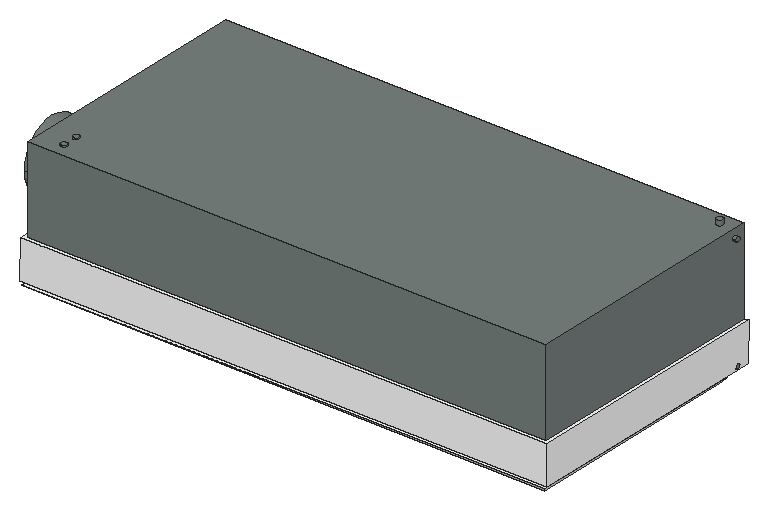
Revit family "AM 800 HTDE", category Mechanical Equipment, Revit 2019
Family settings
  Round Connector Dimension = Use Diameter
  Part Type = Normal
  OmniClass Number = 23.75.00.00
  OmniClass Title = Climate Control (HVAC)
  Work Plane-Based = No
  Always vertical = Yes
  Cut with Voids When Loaded = No
  Shared = No
  Room Calculation Point = No
Parameters
  Weight (Standard Unit) = 108  # constant formula
  Water Heater Surface Return = 10 mm  # constant formula
  Water Heater Surface IN = 10 mm  # constant formula
  URL = "www.airmaster-as.com"
  Total Width = 1910 mm  # constant formula
  Total Hight = 474 mm  # constant formula
  Top Panel [instance] = no
  T-C Duct Exhaust = 252 mm  # constant formula
  T-C Duct Supply = 252 mm  # constant formula
  Suply Air In = 315 mm  # constant formula
  Return Air Duct = 250 mm  # constant formula
  R-C Duct Exhaust = 222 mm  # constant formula
  Phase 1 - Max Power Consumption = "4035 W"
  Phase 1 - Max Current = "12 A"
  Nominal current, electrical preheating surface = "6,5 A"
  Nominal current, electrical comfort heating surface = "4,4 A"
  Nominal current, air handling unit = "1,1 A"
  Network Conection = "AWG 24 CAT 5e STP"
  Model = "AM 800 HTDE"
  Middle Panel [instance] = no
  Max. flow rate 35 dB(A) with ePM10 80% filters = 580.00 m³  # constant formula
  Max. flow rate 35 dB(A) with ePM10 55% filters = 653.00 m³  # constant formula
  Max. flow rate 35 dB(A) with ePM10 50% filters = 725.00 m³  # constant formula
  Max. flow rate 30 dB(A) with ePM10 80% filters = 520.00 m³  # constant formula
  Max. flow rate 30 dB(A) with ePM10 55% filters = 585.00 m³  # constant formula
  Max. flow rate 30 dB(A) with ePM10 50% filters = 650.00 m³  # constant formula
  Manufacturer = "Airmaster A/S"
  Maintenance [instance] = no
  L-C Duct ESupply = 255 mm  # constant formula
  Exhaust Air = 315 mm  # constant formula
  Total Depth = 916 mm  # constant formula
  Electrical connection = "1 ~ 230 V / N / PE / 50 Hz"
  Drawn By = "LSB"
  Condensate = 9 mm  # constant formula
  BMS Panel = "(PTS) 2x2x0,6"
  BMS Out = "(PTS) 2x2x0,6"
  BMS IN = "(PTS) 2x2x0,6"
  Airflow area [instance] = no
  Air flow area [instance] = Airflow
Reference planes
  plane 1 "Center (Front/Back)": y = 0
  plane 2: z = 0
  plane 3 "Center (Left/Right)": x = 0
  plane 4 "Center L/S": y = -916
  plane 5 "Center L/T": x = -955
  plane 6 "Center L/U": x = 955
  plane 7 "TOP": z = 474
  plane 8 "Center L/V": x = -940
  plane 9 "Center L/W": y = -901
  plane 10 "Center L/X": x = 940
  plane 11 "Panel Buttom": z = 23
  plane 12 "Panel Top": z = 164.5
  plane 13 "Hatch": z = 14.5
  plane 14 "Center L/Z": z = 173.414
  plane 15 "Center L/AA": z = 314.914
  plane 16 "Center L/BB": z = 324.414
  plane 17 "Center L/CC": z = 465.914
Forms (mm)
  Extrusion 1, solid, material "AM Grey"
    sketch origin (0, 0, 0) x (1, 0, 0) y (0, 1, 0)
      loop
        line (-940, 0) -> (-940, -901) -> (940, -901) -> (940, 0) -> (-940, 0)
    from 14.5 to 474
  Extrusion 2, solid, material "AM White"
    sketch origin (794.5, -1524, 23) x (0, -1, 0) y (-1, 0, 0)
      loop
        line (-1524, 1749.5) -> (-1524, 1734.5) -> (-623, 1734.5) -> (-623, -145.5) -> (-1524, -145.5) -> (-1524, -160.5) -> (-608, -160.5) -> (-608, 1749.5) -> (-1524, 1749.5)
    from 0 to -141.5
  Blend 3, solid, material "AM White"
    base sketch origin (-790.646, -1524, 14.5) x (0, -1, 0) y (1, 0, 0)
      loop
        line (-608, -157.387) -> (-608, 1738.657) -> (-1435.677, 1738.657) -> (-1435.677, -157.387) -> (-608, -157.387)
    top sketch origin (-790.646, -1524, 14.5) x (0, -1, 0) y (1, 0, 0)
      loop
        line (-623, -146.037) -> (-623, 1727.646) -> (-1424.161, 1727.646) -> (-1424.161, -146.037) -> (-623, -146.037)
    from 0 to -14.5
  Extrusion 4, solid, material "AM Grey"
    sketch origin (940, 0, 0) x (0, -1, 0) y (0, 0, -1)
      loop
        circle (48.75, -36.414) r 8
    from 0 to 15
  Extrusion 5, solid, material "AM Grey"
    sketch origin (-940, -878.072, 0.549) x (0, 1, 0) y (0, 0, -1)
      loop
        arc (97.447, -426.641) -> (85.619, -415.215) -> (74.05, -426.903) r 11.7
        arc (74.05, -426.903) -> (85.881, -438.614) -> (97.447, -426.641) r 11.7
    from 0 to 2
  Extrusion 6, solid, material "AM Grey"
    sketch origin (-940, -892.224, 0.658) x (0, 1, 0) y (0, 0, -1)
      loop
        arc (56.677, -428.239) -> (46.918, -415.112) -> (33.131, -423.914) r 12
        arc (33.131, -423.914) -> (42.582, -438.717) -> (56.677, -428.239) r 12
    from 0 to 2
  Extrusion 7, solid, material "AM Grey"
    sketch origin (-940, 0, 0) x (1, 0, 0) y (0, 0, -1)
      loop
        circle (1673, -222) r 157.5
    from 0 to 55
  Extrusion 8, solid, material "AM Grey"
    sketch origin (-785, 0, 0) x (1, 0, 0) y (0, 0, -1)
      loop
        circle (85, -222) r 157.5
    from 0 to 55
  Extrusion 9, solid, material "AM Grey"
    sketch origin (-1697.474, 21.256, 474) x (1, 0, 0) y (0, 1, 0)
      loop
        arc (848.662, -826.53) -> (848, -804.55) -> (847.338, -826.53) r 11
        line (847.338, -826.53) -> (848.662, -826.53)
    from 0 to 2
  Extrusion 10, solid, material "AM Grey"
    sketch origin (-1697.474, 6.881, 474) x (1, 0, 0) y (0, 1, 0)
      loop
        arc (848.662, -867.28) -> (848, -845.3) -> (847.338, -867.28) r 11
        line (847.338, -867.28) -> (848.662, -867.28)
    from 0 to 2
  Extrusion 11, solid, material "Maintenece", visible <- "Maintenance"
    sketch origin (-790.646, -1524, 0) x (1, 0, 0) y (0, -1, 0)
      loop
        line (-164.354, -1524) -> (1745.646, -1524) -> (1745.646, -608) -> (-164.354, -608) -> (-164.354, -1524)
    from 0 to 1200
  Extrusion 12, solid, material "AM Grey"
    sketch origin (0, 0, 474) x (1, 0, 0) y (0, 1, 0)
      loop
        arc (880.766, -33.956) -> (876.81, -38.388) -> (875.622, -44.209) r 11.4
        arc (875.622, -44.209) -> (897.19, -48.612) -> (880.766, -33.956) r 11.4
    from 0 to 15
  Extrusion 13, solid, material "AM Grey"
    sketch origin (940, 0, 0) x (0, -1, 0) y (0, 0, -1)
      loop
        circle (47.646, -447.784) r 8
    from 0 to 15
  Extrusion 14, solid, material "AM Grey"
    sketch origin (-940, 0, 0) x (1, 0, 0) y (0, 0, -1)
      loop
        circle (1813, -35) r 12
    from 0 to 15
  Extrusion 15, solid, material "AM White", visible <- "Middle Panel"
    sketch origin (794.5, -1524, 173.414) x (0, -1, 0) y (-1, 0, 0)
      loop
        line (-623, 1749.5) -> (-623, 1734.5) -> (-623, -145.5) -> (-1524, -145.5) -> (-1524, -160.5) -> (-608, -160.5) -> (-608, 1749.5) -> (-623, 1749.5)
    from 0 to -141.5
  Extrusion 16, solid, material "AM White", visible <- "Top Panel"
    sketch origin (794.5, -1524, 324.414) x (0, -1, 0) y (-1, 0, 0)
      loop
        line (-623, 1749.5) -> (-623, 1734.5) -> (-623, -145.5) -> (-1524, -145.5) -> (-1524, -160.5) -> (-608, -160.5) -> (-608, 1749.5) -> (-623, 1749.5)
    from 0 to -141.5
  Extrusion 17, solid, material "AM White"
    sketch origin (0, 0, 14.5) x (0, 1, 0) y (1, 0, 0)
      loop
        line (0, 940) -> (-88.323, 940) -> (-88.323, -940) -> (0, -940) -> (0, 940)
    from 0 to 3
  Extrusion 18, solid, material "AM Grey"
    sketch origin (-955, 0, 23) x (0, -1, 0) y (0, 0, 1)
      loop
        circle (699, 299) r 125
    from 0 to 58
  Extrusion 19, void
    sketch origin (1055.25, -916, 324.414) x (1, 0, 0) y (0, 0, -1)
      loop
        line (-1717.75, -118) -> (-1627.75, -118) -> (-1627.75, -93) -> (-1717.75, -93) -> (-1717.75, -118)
      loop
        line (-1717.75, -83) -> (-1627.75, -83) -> (-1627.75, -58) -> (-1717.75, -58) -> (-1717.75, -83)
      loop
        line (-1717.75, -48) -> (-1627.75, -48) -> (-1627.75, -23) -> (-1717.75, -23) -> (-1717.75, -48)
      loop
        line (-1622.75, -118) -> (-1532.75, -118) -> (-1532.75, -93) -> (-1622.75, -93) -> (-1622.75, -118)
      loop
        line (-1622.75, -83) -> (-1532.75, -83) -> (-1532.75, -58) -> (-1622.75, -58) -> (-1622.75, -83)
      loop
        line (-1622.75, -48) -> (-1532.75, -48) -> (-1532.75, -23) -> (-1622.75, -23) -> (-1622.75, -48)
      loop
        line (-1527.75, -118) -> (-1437.75, -118) -> (-1437.75, -93) -> (-1527.75, -93) -> (-1527.75, -118)
      loop
        line (-1527.75, -83) -> (-1437.75, -83) -> (-1437.75, -58) -> (-1527.75, -58) -> (-1527.75, -83)
      loop
        line (-1527.75, -48) -> (-1437.75, -48) -> (-1437.75, -23) -> (-1527.75, -23) -> (-1527.75, -48)
      loop
        line (-1432.75, -118) -> (-1342.75, -118) -> (-1342.75, -93) -> (-1432.75, -93) -> (-1432.75, -118)
      loop
        line (-1432.75, -83) -> (-1342.75, -83) -> (-1342.75, -58) -> (-1432.75, -58) -> (-1432.75, -83)
      loop
        line (-1432.75, -48) -> (-1342.75, -48) -> (-1342.75, -23) -> (-1432.75, -23) -> (-1432.75, -48)
      loop
        line (-1337.75, -118) -> (-1247.75, -118) -> (-1247.75, -93) -> (-1337.75, -93) -> (-1337.75, -118)
      loop
        line (-1337.75, -83) -> (-1247.75, -83) -> (-1247.75, -58) -> (-1337.75, -58) -> (-1337.75, -83)
      loop
        line (-1337.75, -48) -> (-1247.75, -48) -> (-1247.75, -23) -> (-1337.75, -23) -> (-1337.75, -48)
      loop
        line (-1242.75, -118) -> (-1152.75, -118) -> (-1152.75, -93) -> (-1242.75, -93) -> (-1242.75, -118)
      loop
        line (-1242.75, -83) -> (-1152.75, -83) -> (-1152.75, -58) -> (-1242.75, -58) -> (-1242.75, -83)
      loop
        line (-1242.75, -48) -> (-1152.75, -48) -> (-1152.75, -23) -> (-1242.75, -23) -> (-1242.75, -48)
      loop
        line (-1147.75, -118) -> (-1057.75, -118) -> (-1057.75, -93) -> (-1147.75, -93) -> (-1147.75, -118)
      loop
        line (-1147.75, -83) -> (-1057.75, -83) -> (-1057.75, -58) -> (-1147.75, -58) -> (-1147.75, -83)
      loop
        line (-1147.75, -48) -> (-1057.75, -48) -> (-1057.75, -23) -> (-1147.75, -23) -> (-1147.75, -48)
      loop
        line (-1052.75, -118) -> (-962.75, -118) -> (-962.75, -93) -> (-1052.75, -93) -> (-1052.75, -118)
      loop
        line (-1052.75, -83) -> (-962.75, -83) -> (-962.75, -58) -> (-1052.75, -58) -> (-1052.75, -83)
      loop
        line (-1052.75, -48) -> (-962.75, -48) -> (-962.75, -23) -> (-1052.75, -23) -> (-1052.75, -48)
      loop
        line (-957.75, -118) -> (-867.75, -118) -> (-867.75, -93) -> (-957.75, -93) -> (-957.75, -118)
      loop
        line (-957.75, -83) -> (-867.75, -83) -> (-867.75, -58) -> (-957.75, -58) -> (-957.75, -83)
      loop
        line (-957.75, -48) -> (-867.75, -48) -> (-867.75, -23) -> (-957.75, -23) -> (-957.75, -48)
      loop
        line (-862.75, -118) -> (-772.75, -118) -> (-772.75, -93) -> (-862.75, -93) -> (-862.75, -118)
      loop
        line (-862.75, -83) -> (-772.75, -83) -> (-772.75, -58) -> (-862.75, -58) -> (-862.75, -83)
      loop
        line (-862.75, -48) -> (-772.75, -48) -> (-772.75, -23) -> (-862.75, -23) -> (-862.75, -48)
      loop
        line (-767.75, -118) -> (-677.75, -118) -> (-677.75, -93) -> (-767.75, -93) -> (-767.75, -118)
      loop
        line (-767.75, -83) -> (-677.75, -83) -> (-677.75, -58) -> (-767.75, -58) -> (-767.75, -83)
      loop
        line (-767.75, -48) -> (-677.75, -48) -> (-677.75, -23) -> (-767.75, -23) -> (-767.75, -48)
      loop
        line (-672.75, -118) -> (-582.75, -118) -> (-582.75, -93) -> (-672.75, -93) -> (-672.75, -118)
      loop
        line (-672.75, -83) -> (-582.75, -83) -> (-582.75, -58) -> (-672.75, -58) -> (-672.75, -83)
      loop
        line (-672.75, -48) -> (-582.75, -48) -> (-582.75, -23) -> (-672.75, -23) -> (-672.75, -48)
      loop
        line (-577.75, -118) -> (-487.75, -118) -> (-487.75, -93) -> (-577.75, -93) -> (-577.75, -118)
      loop
        line (-577.75, -83) -> (-487.75, -83) -> (-487.75, -58) -> (-577.75, -58) -> (-577.75, -83)
      loop
        line (-577.75, -48) -> (-487.75, -48) -> (-487.75, -23) -> (-577.75, -23) -> (-577.75, -48)
      loop
        line (-482.75, -118) -> (-392.75, -118) -> (-392.75, -93) -> (-482.75, -93) -> (-482.75, -118)
      loop
        line (-482.75, -83) -> (-392.75, -83) -> (-392.75, -58) -> (-482.75, -58) -> (-482.75, -83)
      loop
        line (-482.75, -48) -> (-392.75, -48) -> (-392.75, -23) -> (-482.75, -23) -> (-482.75, -48)
    from 0 to 15
Cuts and joins
  Extrusion 19 cuts Extrusion 1
  Extrusion 19 cuts Extrusion 2
  Extrusion 19 cuts Extrusion 16
Dimensions and locks
  "Total Depth": plane 4 "Center L/S" to plane 1 "Center (Front/Back)"
  equal spacing: plane 5 "Center L/T", plane 3 "Center (Left/Right)", plane 6 "Center L/U"
  "Total Width": plane 5 "Center L/T" to plane 6 "Center L/U"
  "Total Hight": plane 7 "TOP" to level
  locked: plane 10 "Center L/X" to plane 6 "Center L/U" at 15
  locked: plane 4 "Center L/S" to plane 9 "Center L/W" at 15
  locked: plane 5 "Center L/T" to plane 8 "Center L/V" at 15
  Extrusion 1 to Blend 3 sketch curve = 99.839 mm
  "R-C Duct Exhaust": plane 6 "Center L/U" to Extrusion 7 sketch curve
  "T-C Duct Exhaust": Extrusion 7 sketch curve to cut or joined group of Extrusion 1, Extrusion 19
  "T-C Duct Supply": Extrusion 8 sketch curve to plane 7 "TOP"
  "L-C Duct ESupply": Extrusion 8 sketch curve to plane 5 "Center L/T"
  nested 2 to cut or joined group of Extrusion 2, Extrusion 19 = 500 mm
  Extrusion 14 sketch curve to plane 5 "Center L/T" = 1828 mm
  Extrusion 14 sketch curve to plane 7 "TOP" = 439 mm
  plane 1 "Center (Front/Back)" to Extrusion 18 sketch curve = 699 mm
  plane 7 "TOP" to Extrusion 18 sketch curve = 152 mm
  "Return Air Duct": diameter of Extrusion 18 sketch curve
  aligned and locked: level to plane 2
  aligned and locked: plane 1 "Center (Front/Back)" to Extrusion 1 sketch curve
  aligned and locked: Extrusion 1 sketch curve to plane 8 "Center L/V"
  aligned and locked: Extrusion 1 sketch curve to plane 9 "Center L/W"
  aligned and locked: Extrusion 1 sketch curve to plane 10 "Center L/X"
  aligned and locked: plane 7 "TOP" to Extrusion 1
  aligned and locked: plane 5 "Center L/T" to Extrusion 2 sketch curve
  aligned and locked: plane 4 "Center L/S" to Extrusion 2 sketch curve
  aligned and locked: plane 6 "Center L/U" to Extrusion 2 sketch curve
  aligned and locked: Extrusion 2 sketch curve to Extrusion 1  (x3)
  aligned and locked: plane 1 "Center (Front/Back)" to Extrusion 2 sketch curve
  aligned and locked: Extrusion 2 to plane 12 "Panel Top"
  aligned and locked: Blend 3 to plane 2
  aligned and locked: Extrusion 1 to plane 13 "Hatch"
  aligned and locked: Extrusion 11 sketch curve to cut or joined group of Extrusion 2, Extrusion 19  (x4)
  aligned and locked: Extrusion 15 to plane 15 "Center L/AA"
  aligned and locked: Extrusion 16 to plane 17 "Center L/CC"
Automatic sketch dimensions
  plane 1 "Center (Front/Back)" to Extrusion 2 sketch curve = 0 mm
  plane 4 "Center L/S" to Blend 3 sketch curve = 0 mm
  Blend 3 sketch curve to plane 6 "Center L/U" = 6.989 mm
  plane 1 "Center (Front/Back)" to Blend 3 sketch curve = 88.323 mm
  plane 5 "Center L/T" to Blend 3 sketch curve = 6.967 mm
  Blend 3 sketch curve to plane 9 "Center L/W" = 0 mm
  plane 8 "Center L/V" to Blend 3 sketch curve = 3.316 mm
  Blend 3 sketch curve to plane 10 "Center L/X" = 3 mm
  Extrusion 1 to Extrusion 4 sketch curve = 21.914 mm
  Extrusion 1 to Extrusion 4 sketch curve = 48.75 mm
  Extrusion 5 sketch curve to Extrusion 5 sketch curve = 0 mm  (x2)
  Extrusion 1 to Extrusion 5 sketch curve = 46.537 mm
  Extrusion 5 sketch curve to Extrusion 1 = 108.678 mm
  Extrusion 5 sketch curve to Extrusion 5 sketch curve = 11.7 mm
  Extrusion 5 sketch curve to Extrusion 5 sketch curve = 11.697 mm
  Extrusion 5 sketch curve to Extrusion 5 sketch curve = 0.011 mm
  Extrusion 6 sketch curve to Extrusion 6 sketch curve = 0 mm  (x2)
  Extrusion 6 sketch curve to Extrusion 1 = 53.526 mm
  Extrusion 1 to Extrusion 6 sketch curve = 46.428 mm
  Extrusion 6 sketch curve to Extrusion 6 sketch curve = 11.619 mm
  Extrusion 6 sketch curve to Extrusion 6 sketch curve = 11.927 mm
  Extrusion 6 sketch curve to Extrusion 6 sketch curve = 1.325 mm
  Extrusion 9 sketch curve to Extrusion 1 = 89.864 mm
  Extrusion 9 sketch curve to Extrusion 9 sketch curve = 0.662 mm
  Extrusion 9 sketch curve to Extrusion 1 = 95.726 mm
  Extrusion 9 sketch curve to Extrusion 9 sketch curve = 10.98 mm
  Extrusion 10 sketch curve to Extrusion 1 = 89.864 mm
  Extrusion 10 sketch curve to Extrusion 10 sketch curve = 0.662 mm
  Extrusion 10 sketch curve to Extrusion 1 = 40.601 mm
  Extrusion 10 sketch curve to Extrusion 10 sketch curve = 10.98 mm
  Extrusion 12 sketch curve to Extrusion 12 sketch curve = 0 mm  (x2)
  Extrusion 12 sketch curve to Extrusion 1 = 53 mm
  Extrusion 12 sketch curve to Extrusion 1 = 43.5 mm
  Extrusion 12 sketch curve to Extrusion 12 sketch curve = 6.234 mm
  Extrusion 12 sketch curve to Extrusion 12 sketch curve = 11.378 mm
  Extrusion 12 sketch curve to Extrusion 12 sketch curve = 0.709 mm
  Extrusion 1 to Extrusion 13 sketch curve = 47.646 mm
  Extrusion 1 to Extrusion 13 sketch curve = 26.216 mm
  plane 1 "Center (Front/Back)" to Extrusion 15 sketch curve = 0 mm
  Extrusion 15 sketch curve to plane 8 "Center L/V" = 0 mm  (x2)
  Extrusion 15 sketch curve to plane 9 "Center L/W" = 0 mm  (x2)
  plane 4 "Center L/S" to Extrusion 15 sketch curve = 0 mm
  Extrusion 15 sketch curve to plane 5 "Center L/T" = 0 mm
  Extrusion 15 sketch curve to plane 10 "Center L/X" = 0 mm
  Extrusion 15 sketch curve to plane 6 "Center L/U" = 0 mm
  plane 1 "Center (Front/Back)" to Extrusion 16 sketch curve = 0 mm
  Extrusion 16 sketch curve to plane 8 "Center L/V" = 0 mm  (x2)
  Extrusion 16 sketch curve to plane 9 "Center L/W" = 0 mm  (x2)
  plane 4 "Center L/S" to Extrusion 16 sketch curve = 0 mm
  Extrusion 16 sketch curve to plane 5 "Center L/T" = 0 mm
  Extrusion 16 sketch curve to plane 10 "Center L/X" = 0 mm
  Extrusion 16 sketch curve to plane 6 "Center L/U" = 0 mm
  Extrusion 17 sketch curve to Extrusion 1 = 0 mm  (x2)
  Extrusion 1 to Extrusion 17 sketch curve = 0 mm
  Extrusion 1 to Extrusion 17 sketch curve = 88.323 mm
  Extrusion 19 sketch curve to Extrusion 2 = 292.5 mm
  Extrusion 19 sketch curve to Extrusion 19 sketch curve = 0 mm  (x88)
  Extrusion 19 sketch curve to Extrusion 19 sketch curve = 90 mm  (x14)
  Extrusion 19 sketch curve to Extrusion 19 sketch curve = 5 mm  (x39)
  Extrusion 2 to Extrusion 19 sketch curve = 277.914 mm  (x2)
  Extrusion 19 sketch curve to Extrusion 19 sketch curve = 25 mm  (x15)
  Extrusion 19 sketch curve to Extrusion 19 sketch curve = 10 mm  (x9)
  radius of Extrusion 4 sketch curve = 8 mm
  radius of Extrusion 7 sketch curve = 157.5 mm
  radius of Extrusion 8 sketch curve = 157.5 mm
  radius of Extrusion 13 sketch curve = 8 mm
  radius of Extrusion 14 sketch curve = 12 mm
Nested families
  nested 1: "Model Label 2019" at (0, -361.924, 0), Label <- "Model", type "Model Label 2019"
    with Label "AM 800 HTDE"
  nested 2: "indblæssymbol" at (11.742, -966, 0) x (0, -1, 0) z (0, 0, 1), type "indblæssymbol"
    with dX_ 609 mm, dX 609 mm, ang2D 0.00°
Connectors
  piping at (-942, -847.32, 426.735), diameter 10, driven by "Water Heater Surface IN"
    settings: on Extrusion 6, index 6, connector inside diameter 609.6 mm, connector length 0 mm, flow factor 0, pipe flow 0.0 L/s, pressure drop 0.0 Pa, fitting loss kfactor 0, connector angle 0.00°, fixture units 0, engagement length 0 mm, angle of deflection 0.00°, flow configuration 0, flow direction 1, fitting loss method 0, system type 7, joint type 0, gender type 0, connector reference index -1, connector utility 0, adjustable connector no, is connector primary yes, connector description ""
  piping at (-942, -792.324, 427.321), diameter 10, driven by "Water Heater Surface Return"
    settings: on Extrusion 5, index 7, connector inside diameter 609.6 mm, connector length 0 mm, flow factor 0, pipe flow 0.0 L/s, pressure drop 0.0 Pa, fitting loss kfactor 0, connector angle 0.00°, fixture units 0, engagement length 0 mm, angle of deflection 0.00°, flow configuration 0, flow direction 2, fitting loss method 0, system type 8, joint type 0, gender type 0, connector reference index -1, connector utility 0, adjustable connector no, is connector primary no, connector description ""
  piping at (-849.474, -860.399, 476), diameter 10, driven by "Water Heater Surface IN"
    settings: on Extrusion 10, index 11, connector inside diameter 609.6 mm, connector length 0 mm, flow factor 0, pipe flow 0.0 L/s, pressure drop 0.0 Pa, fitting loss kfactor 0, connector angle 0.00°, fixture units 0, engagement length 0 mm, angle of deflection 0.00°, flow configuration 0, flow direction 0, fitting loss method 0, system type 19, joint type 0, gender type 0, connector reference index -1, connector utility 0, adjustable connector no, is connector primary no, connector description ""
  piping at (-849.474, -805.274, 476), diameter 10, driven by "Water Heater Surface Return"
    settings: on Extrusion 9, index 12, connector inside diameter 609.6 mm, connector length 0 mm, flow factor 0, pipe flow 0.0 L/s, pressure drop 0.0 Pa, fitting loss kfactor 0, connector angle 0.00°, fixture units 0, engagement length 0 mm, angle of deflection 0.00°, flow configuration 0, flow direction 0, fitting loss method 0, system type 19, joint type 0, gender type 0, connector reference index -1, connector utility 0, adjustable connector no, is connector primary no, connector description ""
  electrical at (955, -47.646, 447.784)
    settings: on Extrusion 13, index 13, voltage 230 V, apparent load 0 VA, apparent load phase1 0 VA, apparent load phase2 0 VA, apparent load phase3 0 VA, power factor 0.56, load classification "Other", number of poles 1, system type 30, power factor state 1, is connector primary yes, connector utility no, sub classification motor no, connector description ""
  electrical at (878.194, -39.082, 489)
    settings: on Extrusion 12, index 14, voltage 230 V, apparent load 0 VA, apparent load phase1 0 VA, apparent load phase2 0 VA, apparent load phase3 0 VA, power factor 0.56, load classification "Other", number of poles 1, system type 30, power factor state 1, is connector primary no, connector utility no, sub classification motor no, connector description ""
  piping at (955, -48.75, 36.414), diameter 9, driven by "Condensate"
    settings: on Extrusion 4, index 15, connector inside diameter 609.6 mm, connector length 0 mm, flow factor 0, pipe flow 0.0 L/s, pressure drop 0.0 Pa, fitting loss kfactor 0, connector angle 0.00°, fixture units 0, engagement length 0 mm, angle of deflection 0.00°, flow configuration 0, flow direction 0, fitting loss method 0, system type 16, joint type 0, gender type 0, connector reference index -1, connector utility 0, adjustable connector no, is connector primary no, connector description ""
  piping at (873, 15, 35), diameter 9, driven by "Condensate"
    settings: on Extrusion 14, index 16, connector inside diameter 609.6 mm, connector length 0 mm, flow factor 0, pipe flow 0.0 L/s, pressure drop 0.0 Pa, fitting loss kfactor 0, connector angle 0.00°, fixture units 0, engagement length 0 mm, angle of deflection 0.00°, flow configuration 0, flow direction 0, fitting loss method 0, system type 16, joint type 0, gender type 0, connector reference index -1, connector utility 0, adjustable connector no, is connector primary no, connector description ""
  hvac at (-955, -699, 322), driven by "Return Air Duct"
    settings: on Extrusion 18, index 17, duct flow 0.0 L/s, flow factor 0, pres drop 0.0 Pa, loss coef 0, conn angle 0.00°, conn width 304.8 mm, conn height 304.8 mm, conn diameter 250 mm, duct sys type 2, conn prof type 0, flow config 0, flow direction 1, loss method 0, conn ref index -1, conn util no, is conn primary yes, conn desc ""
  hvac at (-700, 0, 222), driven by "Suply Air In"
    settings: on Extrusion 8, index 18, duct flow 0.0 L/s, flow factor 0, pres drop 0.0 Pa, loss coef 0, conn angle 0.00°, conn width 304.8 mm, conn height 304.8 mm, conn diameter 315 mm, duct sys type 1, conn prof type 0, flow config 0, flow direction 1, loss method 0, conn ref index -1, conn util no, is conn primary no, conn desc ""
  hvac at (733, 0, 222), driven by "Exhaust Air"
    settings: on Extrusion 7, index 19, duct flow 0.0 L/s, flow factor 0, pres drop 0.0 Pa, loss coef 0, conn angle 0.00°, conn width 304.8 mm, conn height 304.8 mm, conn diameter 315 mm, duct sys type 3, conn prof type 0, flow config 0, flow direction 2, loss method 0, conn ref index -1, conn util no, is conn primary no, conn desc ""
Definition of nested family "Model Label 2019"
  Parameters (values of type "Model Label 2019")
    Label [instance] = ""
  Reference planes
    plane 1: y = 0
    plane 2: x = 0
  Text (mm)
    label "Label" at (-0.131, 0.049, 0), shows "Label"
Definition of nested family "indblæssymbol"
  Parameters (values of type "indblæssymbol")
    dX_ [instance] = if(dX = 0 mm, 1 mm, dX)  # 609 mm
    dX [instance] = 609 mm
    ang2D [instance] = 0.00°
    Type Comments = "DO NOT CHANGE dX value from 608 mm ( 2 ft )"
    Afstand pil = 50 mm
  Reference planes
    plane 1 "Center (Front/Back)": y = 0
    plane 2: z = 0
    plane 3 "Center (Left/Right)": x = 0
  Lines and regions (mm)
    Filled region 1, type "Concrete", in view "Ref. Level"
      outline origin (50.005, 0, 0) x (1, 0, 0) y (0, 1, 0)
        loop
          line (399.995, 0.414) -> (301.442, 17.365) -> (301.588, -17.365) -> (399.995, 0.414)
    reference lines, in view "Ref. Level"
      curve 1: line (50, 134.129, 0) -> (50, -145.871, 0)
    detail lines, in view "Ref. Level"
      curve 2: line (351.52, 0, 0) -> (50, 0, 0)
  Dimensions and locks
    "Afstand pil": plane 3 "Center (Left/Right)" to curve 1
    curve 1 to Filled region 1 = 400 mm
  Automatic sketch dimensions
    Filled region 1 sketch curve to plane 1 "Center (Front/Back)" = 0.414 mm
    plane 3 "Center (Left/Right)" to Filled region 1 sketch curve = 450 mm
    plane 1 "Center (Front/Back)" to Filled region 1 sketch curve = 17.365 mm
    Filled region 1 sketch curve to Filled region 1 sketch curve = 98.407 mm
    Filled region 1 sketch curve to plane 1 "Center (Front/Back)" = 17.365 mm
    Filled region 1 sketch curve to Filled region 1 sketch curve = 0.146 mm
    plane 1 "Center (Front/Back)" to curve 2 = 0 mm
    plane 3 "Center (Left/Right)" to curve 2 = 50 mm
    curve 2 to curve 2 = 301.52 mm
    plane 1 "Center (Front/Back)" to curve 1 = 145.871 mm
    curve 1 to plane 1 "Center (Front/Back)" = 134.129 mm
